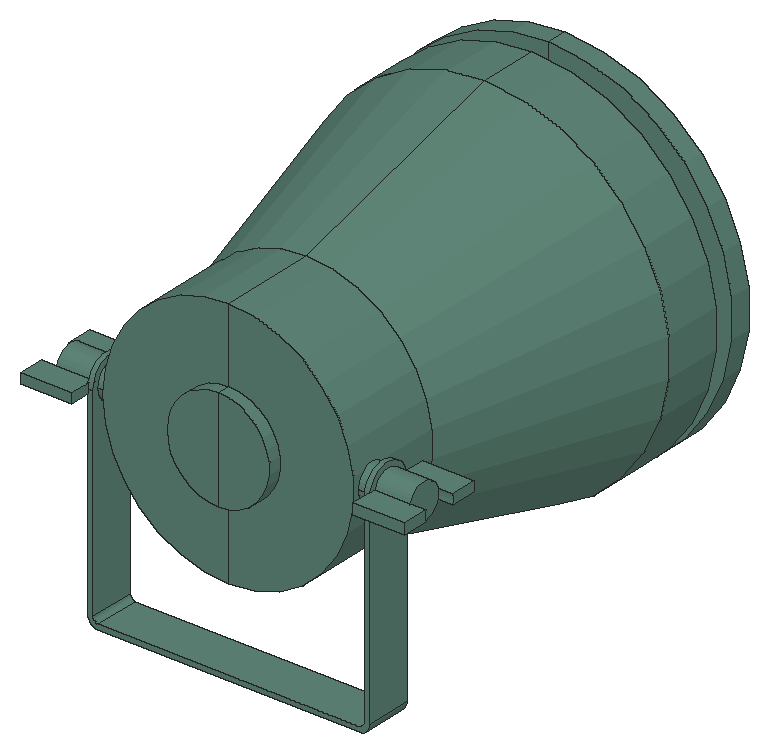
Revit family "AKVEN LED", category Lighting Fixtures, host Face, Revit 2015
Parameters (values of type "AKVEN LED 25720 LED aluminium zielony")
  Średnica = 72 mm  # constant formula
  Szerokość = 82 mm  # constant formula
  Materiał klosz = KANLUX - klosz
  Kąt obrotu w pionie maksymalny [instance] = if(Kąt obrotu w pionie < 180.00°, if(Kąt obrotu w pionie > 0.00°, Kąt obrotu w pionie, 0.00°), 180.00°)  # 0.00°
  Kąt obrotu w pionie [instance] = 0.00°
  Kod = "25720"
  Keynote = ""
  Współczynnik mocy = 1
  URL = "www.kanlux.pl"
  Manufacturer = "KANLUX"  # constant formula
  Apparent Load = Moc oprawy / Współczynnik mocy  # 35 VA
  Model = "AKVEN LED"
  Wattage Comments = "35"
  Moc oprawy = 35 W
  Materiał obudowa = KANLUX - obudowa - aluminium, zielony
  Lamp = "LED"
  Klasyfikacja obciążenia = Oświetlenie
  IP = "IP68"  # constant formula
  Default Elevation = 0 mm
Reference planes
  plane 1 "Środek (Przód/Tył)": y = 0
  plane 2: z = 0
  plane 3 "Środek (Lewa/Prawa)": x = 0
  plane 4: z = 41.5
Forms (mm)
  Extrusion 1, solid, material "KANLUX - obudowa - aluminium, zielony" <- "Materiał obudowa"
    sketch origin (0, 0, 115) x (0.939693, 0, 0.34202) y (-0.34202, 0, 0.939693)
      loop
        line (-50.98, -59.662) -> (-64.49, -96.78)
        arc (-64.49, -96.78) -> (-64.423, -98.309) -> (-63.294, -99.343) r 2
        line (-63.294, -99.343) -> (-15.37, -116.786)
        arc (-15.37, -116.786) -> (-13.841, -116.719) -> (-12.807, -115.591) r 2
        line (-12.807, -115.591) -> (0.703, -78.473) -> (-0.237, -78.131) -> (-13.746, -115.249)
        arc (-13.746, -115.249) -> (-14.263, -115.813) -> (-15.028, -115.846) r 1
        line (-15.028, -115.846) -> (-62.952, -98.403)
        arc (-62.952, -98.403) -> (-63.517, -97.886) -> (-63.55, -97.122) r 1
        line (-63.55, -97.122) -> (-50.04, -60.004) -> (-50.98, -59.662)
    from -4.5 to 4.5
  Extrusion 2, solid, material "KANLUX - obudowa - aluminium, zielony" <- "Materiał obudowa"
    sketch origin (0, 0, 0) x (0, 1, 0) y (0, 0, 1)
      loop
        arc (4.5, 41.5) -> (0, 46) -> (-4.5, 41.5) r 4.5
        line (-4.5, 41.5) -> (4.5, 41.5)
    from -27.5 to -26.5
  Extrusion 3, solid, material "KANLUX - obudowa - aluminium, zielony" <- "Materiał obudowa"
    sketch origin (0, 0, 0) x (0, 1, 0) y (0, 0, 1)
      loop
        arc (4.5, 41.5) -> (0, 46) -> (-4.5, 41.5) r 4.5
        line (-4.5, 41.5) -> (4.5, 41.5)
    from 26.5 to 27.5
  Extrusion 4, solid, material "KANLUX - obudowa - aluminium, zielony" <- "Materiał obudowa"
    sketch origin (0, 0, 0) x (0, 1, 0) y (0, 0, 1)
      loop
        circle (0, 41.5) r 3.5
    from -34.5 to 34.5
  Extrusion 5, solid, material "KANLUX - obudowa - aluminium, zielony" <- "Materiał obudowa"
    sketch origin (0, 0, 0) x (0, 1, 0) y (0, 0, 1)
      loop
        line (-8.5, 42.5) -> (-8.5, 40.5) -> (-3.354, 40.5)
        arc (-3.354, 40.5) -> (-3.463, 40.995) -> (-3.5, 41.5) r 3.5
        arc (-3.5, 41.5) -> (-3.463, 42.005) -> (-3.354, 42.5) r 3.5
        line (-3.354, 42.5) -> (-8.5, 42.5)
      loop
        line (8.5, 40.5) -> (8.5, 42.5) -> (3.354, 42.5)
        arc (3.354, 42.5) -> (3.5, 41.5) -> (3.354, 40.5) r 3.5
        line (3.354, 40.5) -> (8.5, 40.5)
    from -37.5 to -27.5
  Extrusion 6, solid, material "KANLUX - obudowa - aluminium, zielony" <- "Materiał obudowa"
    sketch origin (0, 0, 0) x (0, 1, 0) y (0, 0, -1)
      loop
        line (-8.5, -42.5) -> (-3.354, -42.5)
        arc (-3.354, -42.5) -> (-3.463, -42.005) -> (-3.5, -41.5) r 3.5
        arc (-3.5, -41.5) -> (-3.463, -40.995) -> (-3.354, -40.5) r 3.5
        line (-3.354, -40.5) -> (-8.5, -40.5) -> (-8.5, -42.5)
      loop
        line (8.5, -40.5) -> (3.354, -40.5)
        arc (3.354, -40.5) -> (3.5, -41.5) -> (3.354, -42.5) r 3.5
        line (3.354, -42.5) -> (8.5, -42.5) -> (8.5, -40.5)
    from -37.5 to -27.5
Cuts and joins
  joined: Extrusion 1, Extrusion 2, Extrusion 3, Extrusion 4, Extrusion 5, Extrusion 6
Lines and regions (mm)
  reference lines
    curve 1: line (0, 0, 41.5) -> (0, 1460, 41.5)
Dimensions and locks
  locked: plane 4 to plane 2 at 41.5
  "Kąt obrotu w pionie maksymalny": angle curve 1 to plane 4
  aligned and locked: plane 2 to host face
  aligned and locked: level to host face
  aligned and locked: plane 4 to curve 1
  aligned and locked: plane 1 "Środek (Przód/Tył)" to curve 1
  aligned and locked: nested 1 to curve 1  (x2)
Automatic sketch dimensions
  host sketch curve to host sketch curve = 2438.4 mm  (x2)
  Extrusion 1 sketch curve to Extrusion 1 sketch curve = 0 mm  (x4)
  Extrusion 1 sketch curve to level = 0 mm  (x2)
  Extrusion 1 sketch curve to plane 4 = 0 mm  (x4)
  level to Extrusion 1 sketch curve = 2 mm
  Extrusion 1 sketch curve to plane 3 "Środek (Lewa/Prawa)" = 27.5 mm
  Extrusion 1 sketch curve to Extrusion 1 sketch curve = 0.94 mm  (x6)
  Extrusion 1 sketch curve to Extrusion 1 sketch curve = 0.256 mm
  Extrusion 1 sketch curve to Extrusion 1 sketch curve = 0.342 mm  (x3)
  Extrusion 1 sketch curve to Extrusion 1 sketch curve = 47.924 mm
  Extrusion 1 sketch curve to Extrusion 1 sketch curve = 13.51 mm
  Extrusion 2 sketch curve to plane 4 = 0 mm
  Extrusion 2 sketch curve to plane 1 "Środek (Przód/Tył)" = 0 mm
  plane 1 "Środek (Przód/Tył)" to Extrusion 2 sketch curve = 4.5 mm
  Extrusion 3 sketch curve to plane 4 = 0 mm
  Extrusion 3 sketch curve to plane 1 "Środek (Przód/Tył)" = 0 mm
  plane 1 "Środek (Przód/Tył)" to Extrusion 3 sketch curve = 4.5 mm
  Extrusion 4 sketch curve to plane 1 "Środek (Przód/Tył)" = 0 mm
  Extrusion 4 sketch curve to plane 4 = 0 mm
  Extrusion 5 sketch curve to Extrusion 5 sketch curve = 0 mm  (x6)
  Extrusion 5 sketch curve to plane 4 = 0 mm
  Extrusion 5 sketch curve to plane 1 "Środek (Przód/Tył)" = 0 mm
  Extrusion 5 sketch curve to plane 4 = 1 mm  (x2)
  plane 1 "Środek (Przód/Tył)" to Extrusion 5 sketch curve = 3.354 mm
  plane 4 to Extrusion 5 sketch curve = 1 mm  (x2)
  Extrusion 5 sketch curve to Extrusion 5 sketch curve = 5 mm
  Extrusion 5 sketch curve to plane 1 "Środek (Przód/Tył)" = 3.354 mm
  Extrusion 5 sketch curve to Extrusion 5 sketch curve = 5.146 mm
  Extrusion 6 sketch curve to Extrusion 6 sketch curve = 0 mm  (x6)
  Extrusion 6 sketch curve to plane 4 = 0 mm
  Extrusion 6 sketch curve to plane 1 "Środek (Przód/Tył)" = 0 mm
  Extrusion 6 sketch curve to plane 4 = 1 mm  (x2)
  plane 1 "Środek (Przód/Tył)" to Extrusion 6 sketch curve = 3.354 mm
  plane 4 to Extrusion 6 sketch curve = 1 mm  (x2)
  Extrusion 6 sketch curve to Extrusion 6 sketch curve = 5 mm
  Extrusion 6 sketch curve to plane 1 "Środek (Przód/Tył)" = 3.354 mm
  Extrusion 6 sketch curve to Extrusion 6 sketch curve = 5.146 mm
  radius of Extrusion 4 sketch curve = 3.5 mm
Nested families
  nested 1: "AKVEN LED źródło światła" at (0, 0, 41.5) x (-1, 0, 0) z (0, 1, 0), type "AKVEN LED źródło światła"
Connectors
  electrical at (0, 0, 0), driven by "Apparent Load", driven by "Współczynnik mocy", driven by "Klasyfikacja obciążenia"
    settings: on host face, index 1, voltage 12 V, apparent load 35 VA, apparent load phase1 0 VA, apparent load phase2 0 VA, apparent load phase3 0 VA, power factor 1, load classification "Oświetlenie", number of poles 1, system type 30, power factor state 1, is connector primary yes, connector utility no, sub classification motor no, connector description ""
Definition of nested family "AKVEN LED źródło światła"
  Parameters (values of type "AKVEN LED źródło światła")
    Wattage Comments = "35"
    Wattage = 35 W
    built-in parameter 1150110 = 1 (stored number, unit not read)
    built-in parameter 1114217 = 1 (stored number, unit not read)
    Tilt Angle = 90.00°
    built-in parameter 1150109 = 1 (stored number, unit not read)
    built-in parameter 1150134 = (empty or 0)
    built-in parameter 1150113 = 1 (stored number, unit not read)
    Photometric Web File = "generic"
    built-in parameter 1150142 = (empty or 0)
    Materiał obudowa = none
    Materiał klosz = none
    Lumens = 5250 lm
    built-in parameter 1150115 = 1 (stored number, unit not read)
    built-in parameter 1150105 = 417.78 (stored number, unit not read)
    built-in parameter 1150137 = (empty or 0)
    built-in parameter 1150139 = (empty or 0)
    built-in parameter 1150112 = 1 (stored number, unit not read)
    built-in parameter 1150114 = 1 (stored number, unit not read)
    Lamp = "LED"
    built-in parameter 1150132 = (empty or 0)
    built-in parameter 1150102 = (empty or 0)
    built-in parameter 1150138 = (empty or 0)
    built-in parameter 1150107 = 3000 (stored number, unit not read)
    built-in parameter 1150106 = 4.1778 (stored number, unit not read)
    built-in parameter 1150104 = 13.935 (stored number, unit not read)
    Dimming Lamp Color Temperature Shift = (empty or 0)
    Default Elevation = 0 mm
    Color Filter = 16777215
    built-in parameter 1114218 = 1 (stored number, unit not read)
    built-in parameter 1150133 = 10 (stored number, unit not read)
    Apparent Load = 35 VA
  Reference planes
    plane 1 "Light Source Axis (F/B)": y = 0
    plane 2: z = 0
    plane 3 "Light Source Axis (L/R)": x = 0
    plane 4 "Light Source Elevation": z = 77.5
    plane 5: x = -94.5
    plane 6: x = 94.5
  Forms (mm)
    Revolve 1, solid, material <- "Materiał obudowa"
      sketch origin (0, 0, 40.5) x (0, 1, 0) y (0, 0, 1)
        loop
          line (0, 37) -> (-36, 37) -> (-36, 33) -> (-22.5, 33) -> (-22.5, 29) -> (-36, 29) -> (-36, 17.5) -> (-24.5, -26) -> (-24.5, -45) -> (-10, -45) -> (-10, -47.5) -> (0, -47.5) -> (0, 37)
        axis (0, 37) -> (0, -47.5)
      angle from 0 to 360
    Revolve 2, void
      sketch origin (0, 0, 40.5) x (0, 1, 0) y (0, 0, 1)
        loop
          line (-20.5, 33) -> (0, 33) -> (0, 37) -> (-20.5, 37) -> (-20.5, 33)
        axis (0, 37) -> (0, 33)
      angle from 0 to 360
    Revolve 3, solid, material <- "Materiał klosz"
      sketch origin (0, 0, 40.5) x (0, 1, 0) y (0, 0, 1)
        loop
          line (0, 36) -> (-20.5, 36) -> (-20.5, 33) -> (0, 33) -> (0, 36)
        axis (0, 36) -> (0, 33)
      angle from 0 to 360
  Cuts and joins
    Revolve 2 cuts Revolve 1
  Dimensions and locks
    locked: level to plane 4 "Light Source Elevation" at 77.5
    aligned and locked: plane 3 "Light Source Axis (L/R)" to imposter light
    aligned and locked: plane 1 "Light Source Axis (F/B)" to imposter light
    aligned and locked: plane 4 "Light Source Elevation" to imposter light
    aligned and locked: level to plane 2
    aligned and locked: Revolve 1 sketch curve to plane 1 "Light Source Axis (F/B)"
    aligned and locked: Revolve 2 sketch curve to plane 1 "Light Source Axis (F/B)"  (x2)
    aligned and locked: plane 1 "Light Source Axis (F/B)" to Revolve 3 sketch curve
    aligned and locked: Revolve 3 sketch curve to plane 1 "Light Source Axis (F/B)"
